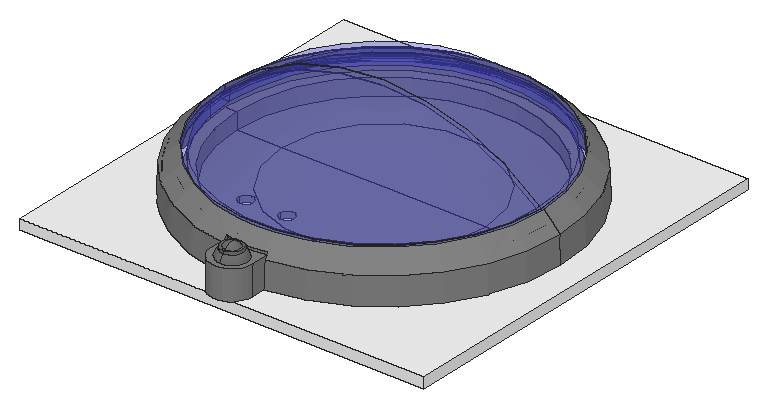
Revit family "BE_24194_de_DE", category Leuchten, Revit 2020
Family settings
  Basisbauteil = Fläche
  Bemaßung runder Anschluss = Durchmesser verwenden
  Teiletyp = Normal
  Beim Laden mit Abzugskörper schneiden = Ja
  Lichtquelle = Ja
  Gemeinsam genutzt = Nein
  Raumberechnungspunkt = Ja
Parameters (values of type "BEGA_24194_Grafit_K3")
  built-in parameter 1150104 = 15.45 (stored number, unit not read)
  Wattage = 23.9 W
  Default Elevation = 0 mm
  built-in parameter 1150113 = 1 (stored number, unit not read)
  built-in parameter 1114218 = 1 (stored number, unit not read)
  Umgebungstemperatur = "25 °C"
  URL = "https://www.bega.com/de/produkt/24194"
  Typenkommentare = "© 2022 BEGA. Wir behalten uns das Recht vor, technische Änderungen ohne vorherige Ankündigung vorzunehmen."  # constant formula
  Type Image = 24194.png
  built-in parameter 1150134 = (empty or 0)
  built-in parameter 1150109 = 1 (stored number, unit not read)
  Strom = ""
  built-in parameter 1150110 = 1 (stored number, unit not read)
  Spannung = 239.996 V
  Sonderanfertigung = no
  Seriennummer [instance] = "Hier können Sie die eindeutige Seriennummer für das Facility Management eintragen."
  Schutzklasse = "I"
  Schutzart = "IP 65"
  Scheinlast = 0 VA
  Produktdatenblatt = "https://cdn.bega.com/bega/products/24194K4/current/documents/data-sheets/de"
  Oberflächentemperatur = ""
  Neigungswinkel = 0.00°
  Modell = "24194K3"
  Material_18 = BEGA_Gummi_schwarz
  Material_17 = BEGA_Reflektor
  Material_15 = BEGA_Leuchtmedium_matt
  Material_14 = BEGA_Kunststoff_opal
  Material_11 = BEGA_Glas_opal
  Material_09 = BEGA_Glas_klar
  Material_06 = BEGA_Oberfläche_Edelstahl_gebürstet
  Material_03 = BEGA_Oberfläche_Weiss_matt
  Material_02 = BEGA_Oberfläche_Silber_matt
  Material_01 [instance] = BEGA_Oberfläche_Grafit_matt
  M_W = no
  M_G = yes
  M_A = no
  Logo = 0
  built-in parameter 1114217 = 1 (stored number, unit not read)
  built-in parameter 1150139 = (empty or 0)
  built-in parameter 1150105 = 316.29 (stored number, unit not read)
  built-in parameter 1150114 = 1 (stored number, unit not read)
  Lumens = 3974.57 lm
  built-in parameter 1150115 = 1 (stored number, unit not read)
  Leuchtenlichtstrom = "3083 lm"
  Leuchtenanzahl = ""
  Lebensdauerkriterien = "L70B50 @ 25 °C = 150000 h"
  Lastklassifizierung = Beleuchtung
  built-in parameter 1150112 = 1 (stored number, unit not read)
  Lampenlichtstrom = "3975 lm"
  Lampe = "LED 23.9 W"
  LED_Modulbezeichnung = "LED-0993/830"
  built-in parameter 1150142 = (empty or 0)
  Hersteller = "BEGA"  # constant formula
  Halbstreuwinkel = ""
  Gewicht = "3.35 kg"
  Gebrauchslageneinschränkung [instance] = ""
  Frequenz = "0/50-60 Hz"
  Farbwiedergabeindex = "CRI > 80"
  Farbtemperaturverschiebung bei Dämpfen der Lampe = <Keine Auswahl>
  Farbtemperatur = "3000 K"
  Color Filter = 16777215
  built-in parameter 1150133 = 10 (stored number, unit not read)
  Energieeffizienzklasse = "LED A++ - A"
  built-in parameter 1150137 = (empty or 0)
  built-in parameter 1150132 = (empty or 0)
  ENEC = ""
  Dimmbar [instance] = "DALI"
  Datei für fotometrisches Netz = "BE_24194K3.IES"
  CE_Konformität = "ja"
  Bestellnummer = "24194K3"
  Beschreibung_Sonderanfertigung = "Hier können Sie Informationen zur Sonderanfertigung eintragen."
  Beschreibung = "Wandleuchte mit PIR-Bewegungs- und Lichtsensor"
  built-in parameter 1150106 = 3.1629 (stored number, unit not read)
  Befestigungsbohrung = "Ø 4,5 mm"
  Befestigungsabstand = "325 mm"
  Ballwurfsicher = ""
  BEGA_Intern_aus = yes
  BEGA_Intern_an = yes
  BEGA_Intern_Konstruktion = yes
  BEGA_Intern = yes
  BEGA_IES = yes
  BEGA_Dummy = no
  Anschlussleitung = ""
  Anschlussleistung [instance] = "27.2 W"
  built-in parameter 1150107 = 3000 (stored number, unit not read)
  built-in parameter 1150102 = (empty or 0)
  built-in parameter 1150138 = (empty or 0)
  Aktualisierung = "2022-05-18T04:00:07"
  Abstand_zur_angestrahlten_Fläche [instance] = ""
  AC/DC = "AC/DC"
Types (4, lengths in mm): name | built-in parameter 1150104 | built-in parameter 1150134 | Modell | M_G | M_A | built-in parameter 1150105 | Lumens | Leuchtenlichtstrom | Lampenlichtstrom | LED_Modulbezeichnung | Farbtemperatur | Datei für fotometrisches Netz | Bestellnummer | built-in parameter 1150106 | built-in parameter 1150107
  BEGA_24194_Silber_K3 | 15.45 (stored number, unit not read) | (empty or 0) | "24194AK3" | no | yes | 316.29 (stored number, unit not read) | 3974.57 lm | "3083 lm" | "3975 lm" | "LED-0993/830" | "3000 K" | "BE_24194K3.IES" | "24194AK3" | 3.1629 (stored number, unit not read) | 3000 (stored number, unit not read)
  BEGA_24194_Silber_K4 | 16.249 (stored number, unit not read) | 12 | "24194AK4" | no | yes | 332.64 (stored number, unit not read) | 4180.11 lm | "3242 lm" | "4180 lm" | "LED-0993/840" | "4000 K" | "BE_24194K4.IES" | "24194AK4" | 3.3264 (stored number, unit not read) | 4000 (stored number, unit not read)
  BEGA_24194_Grafit_K3 | 15.45 (stored number, unit not read) | (empty or 0) | "24194K3" | yes | no | 316.29 (stored number, unit not read) | 3974.57 lm | "3083 lm" | "3975 lm" | "LED-0993/830" | "3000 K" | "BE_24194K3.IES" | "24194K3" | 3.1629 (stored number, unit not read) | 3000 (stored number, unit not read)
  BEGA_24194_Grafit_K4 | 16.249 (stored number, unit not read) | 12 | "24194K4" | yes | no | 332.64 (stored number, unit not read) | 4180.11 lm | "3242 lm" | "4180 lm" | "LED-0993/840" | "4000 K" | "BE_24194K4.IES" | "24194K4" | 3.3264 (stored number, unit not read) | 4000 (stored number, unit not read)
Reference planes
  plane 1 "Mitte (Vorne/Hinten)": y = 0
  plane 2: z = 0
  plane 3 "Mitte (Links/Rechts)": x = 0
  plane 4 "Links": x = -175.4
  plane 5 "Rechts": x = 175.4
  plane 6 "Unten": y = -208.243
  plane 7 "Oben": y = 175
  plane 8 "Vorne": z = 104.988
  plane 9 "Hinten": z = 0
Forms (mm)
  Extrusion 1, solid, material "BEGA_Platte_Weiss"
    sketch origin (0, -1119.2, 0) x (1, 0, 0) y (0, 1, 0)
      loop
        line (-200, 1319.2) -> (-200, 919.2) -> (200, 919.2) -> (200, 1319.2) -> (-200, 1319.2)
    from 0 to -10
  Extrusion 2, solid, material "BEGA_Dummy_matt", visible <- "BEGA_Dummy"
    sketch origin (77.149, -76.023, 0) x (1, 0, 0) y (0, 1, 0)
      loop
        circle (-77.149, 76.023) r 208.201
    from 0 to 104.988
Dimensions and locks
  plane 1 "Mitte (Vorne/Hinten)" to Extrusion 1 = 200 mm
  aligned and locked: plane 2 to Extrusion 1
  aligned and locked: level to Extrusion 1
Nested families
  nested 1: "BE_24194" at (0, 0, 0), type "BE_24194"
Connectors
  electrical at (0, 0, 0), driven by "Lastklassifizierung", driven by "Spannung", driven by "Scheinlast"
    settings: index 1, voltage 239.996 V, apparent load 0 VA, apparent load phase1 0 VA, apparent load phase2 0 VA, apparent load phase3 0 VA, power factor 1, load classification "Beleuchtung", number of poles 1, system type 31, power factor state 1, is connector primary yes, connector utility no, sub classification motor no, connector description ""
Definition of nested family "BE_24194"
  Parameters (values of type "BE_24194")
    Default Elevation = 1 mm
    URL = "http://www.bega.de/de/produkt"
    Type Comments = "© 2015 BEGA. Wir behalten uns das Recht vor, technische Änderungen ohne vorherige Ankündigung vorzunehmen. "  # constant formula
    Type Image = (empty or 0)
    Neigungswinkel_um_Z2 = 0.00°
    Neigungswinkel_um_Z1 = 0.00°
    Neigungswinkel_um_Y2 = 0.00°
    Neigungswinkel_um_Y1 = 0.00°
    Neigungswinkel_um_X2 = 0.00°
    Neigungswinkel_um_X1 = 0.00°
    Material_18 = none
    Material_17 = none
    Material_15 = none
    Material_14 = none
    Material_11 = none
    Material_09 = none
    Material_06 = none
    Material_02 = none
    Material_01 = none
    M_W = yes
    M_G = yes
    M_A = yes
    Länge_Platte = 200 mm  # constant formula
    Höhe_Platte = -10 mm  # constant formula
    Manufacturer = "BEGA"  # constant formula
    Drehwinkel_um_Z2 = 0.00°
    Drehwinkel_um_Z1 = 0.00°
    Breite_Platte = 200 mm  # constant formula
  Reference planes
    plane 1 "Mitte (Oben/Unten)": y = 0
    plane 2: z = 0
    plane 3 "Mitte (Links/Rechts)": x = 0
    plane 4 "Vorne": z = 104.988
    plane 5 "Oben": y = 175
    plane 6: x = -175.4
    plane 7: x = 175.4
    plane 8: y = -208.243
  Forms (mm)
    Extrusion 1, solid, detail levels medium
      sketch origin (0, 0, 0) x (1, 0, 0) y (0, 1, 0)
        loop
          line (-100, 100) -> (-100, -100) -> (100, -100) -> (100, 100) -> (-100, 100)
      from 0 to -10 <- "Höhe_Platte"
    Revolve 2, solid, material <- "Material_14"
      sketch origin (0, 0, 0) x (1, 0, 0) y (0, 0, 1)
        loop
          arc (0, 104.896) -> (-83.622, 89.809) -> (-156.701, 46.453) r 239.3
          line (-156.701, 46.453) -> (-157.017, 37.41) -> (-159.895, 37.41)
          arc (-159.895, 37.41) -> (-160.591, 37.128) -> (-160.895, 36.443) r 1
          line (-160.895, 36.443) -> (-160.999, 33.443)
          arc (-160.999, 33.443) -> (-160.719, 32.714) -> (-160, 32.41) r 1
          line (-160, 32.41) -> (-152.188, 32.41) -> (-151.781, 44.086)
          arc (-151.781, 44.086) -> (-80.858, 85.501) -> (0, 99.896) r 234.299
          line (0, 99.896) -> (0, 104.896)
        axis (0, 104.896) -> (0, 32.41)
      angle from 0 to 360
    Revolve 3, solid, material <- "Material_02", visible <- "M_A"
      sketch origin (0, 0, 0) x (1, 0, 0) y (0, 0, 1)
        loop
          arc (-157.799, 45.496) -> (-166.329, 37.64) -> (-174.468, 29.38) r 239.3
          line (-174.468, 29.38) -> (-175.4, 2.7) -> (-172.4, 2.7) -> (-171.512, 28.143)
          arc (-171.512, 28.143) -> (-164.86, 34.885) -> (-157.944, 41.356) r 236.3
          line (-157.944, 41.356) -> (-157.799, 45.496)
        axis (0, 2.7) -> (0, 45.496)
      angle from 0 to 360
    Revolve 4, solid, material <- "Material_01"
      sketch origin (0, 0, 0) x (1, 0, 0) y (0, 0, 1)
        loop
          line (-156.776, 3.965) -> (-156.915, 0) -> (-153, 0) -> (-152.389, 17.5) -> (-148.2, 17.5) -> (-147.746, 4.5) -> (0, 4.5) -> (0, 10.2) -> (-100.394, 10.2) -> (-144.941, 10.2) -> (-145.5, 26.2) -> (-156, 26.2) -> (-156.776, 3.965)
        axis (0, 0) -> (0, 26.2)
      angle from 0 to 360
    Extrusion 5, solid, material <- "Material_01"
      sketch origin (0, 0, 0) x (1, 0, 0) y (0, 1, 0)
        loop
          line (165.428, 29.283) -> (152.784, 31.512)
          arc (152.784, 31.512) -> (156, 0) -> (152.784, -31.512) r 156
          line (152.784, -31.512) -> (165.428, -29.283)
          arc (165.428, -29.283) -> (168, 0) -> (165.428, 29.283) r 168
        loop
          arc (163.804, -20.326) -> (165.061, 0) -> (163.804, 20.326) r 165.061
          arc (163.804, 20.326) -> (160.944, 22.541) -> (158.723, 19.685) r 2.561
          arc (158.723, 19.685) -> (159.939, 0) -> (158.723, -19.685) r 159.939
          arc (158.723, -19.685) -> (160.944, -22.541) -> (163.804, -20.326) r 2.561
        loop
          arc (-165.428, 29.283) -> (-168, 0) -> (-165.428, -29.283) r 168
          line (-165.428, -29.283) -> (-152.784, -31.512)
          arc (-152.784, -31.512) -> (-156, 0) -> (-152.784, 31.512) r 156
          line (-152.784, 31.512) -> (-165.428, 29.283)
        loop
          arc (-163.804, -20.326) -> (-160.944, -22.541) -> (-158.723, -19.685) r 2.561
          arc (-158.723, -19.685) -> (-159.939, 0) -> (-158.723, 19.685) r 159.939
          arc (-158.723, 19.685) -> (-160.944, 22.541) -> (-163.804, 20.326) r 2.561
          arc (-163.804, 20.326) -> (-165.061, 0) -> (-163.804, -20.326) r 165.061
      from 0 to 3.18
    Revolve 6, solid, material <- "Material_01", visible <- "M_G"
      sketch origin (0, 0, 0) x (1, 0, 0) y (0, 0, 1)
        loop
          arc (-157.799, 45.496) -> (-166.329, 37.64) -> (-174.468, 29.38) r 239.3
          line (-174.468, 29.38) -> (-175.4, 2.7) -> (-172.4, 2.7) -> (-171.512, 28.143)
          arc (-171.512, 28.143) -> (-164.86, 34.885) -> (-157.944, 41.356) r 236.3
          line (-157.944, 41.356) -> (-157.799, 45.496)
        axis (0, 2.7) -> (0, 45.496)
      angle from 0 to 360
    Extrusion 7, void
      sketch origin (0, 0, 0) x (1, 0, 0) y (0, 1, 0)
        loop
          circle (-70.232, -82.463) r 7.373
        loop
          circle (-29.768, -82.463) r 7.373
      from 0 to 46.453
    Extrusion 8, void
      sketch origin (0, 0, 0) x (1, 0, 0) y (0, 1, 0)
        loop
          arc (-20.5, -187.743) -> (0, -208.243) -> (20.5, -187.743) r 20.5
          line (20.5, -187.743) -> (20.5, -168.445)
          arc (20.5, -168.445) -> (0, -170.784) -> (-20.5, -168.445) r 91.041
          line (-20.5, -168.445) -> (-20.5, -187.743)
      from 0 to 250
    Extrusion 9, solid, material <- "Material_01", visible <- "M_G"
      sketch origin (0, 0, 0) x (1, 0, 0) y (0, 1, 0)
        loop
          arc (-20.5, -187.743) -> (0, -208.243) -> (20.5, -187.743) r 20.5
          line (20.5, -187.743) -> (20.5, -168.445)
          arc (20.5, -168.445) -> (0, -170.784) -> (-20.5, -168.445) r 91.041
          line (-20.5, -168.445) -> (-20.5, -187.743)
      from 2.7 to 31.6
    Revolve 10, solid, material <- "Material_18"
      sketch origin (0, 0, 0) x (0, 1, 0) y (0, 0, 1)
        loop
          line (-187.743, 44.83) -> (-187.743, 27.852) -> (-172.743, 27.852)
          arc (-172.743, 27.852) -> (-173.907, 33.594) -> (-177.183, 38.453) r 15
          line (-177.183, 38.453) -> (-177.341, 40.771) -> (-180.19, 40.771)
          arc (-180.19, 40.771) -> (-183.456, 43.751) -> (-187.743, 44.83) r 9.057
        axis (-187.743, 27.852) -> (-187.743, 44.83)
      angle from 0 to 360
    Extrusion 11, solid, material <- "Material_02", visible <- "M_A"
      sketch origin (0, 0, 0) x (1, 0, 0) y (0, 1, 0)
        loop
          arc (-20.5, -187.743) -> (0, -208.243) -> (20.5, -187.743) r 20.5
          line (20.5, -187.743) -> (20.5, -168.445)
          arc (20.5, -168.445) -> (0, -170.784) -> (-20.5, -168.445) r 91.041
          line (-20.5, -168.445) -> (-20.5, -187.743)
      from 2.7 to 31.6
  Cuts and joins
    Extrusion 7 cuts Revolve 4
    Extrusion 7 cuts Extrusion 5
    joined: Revolve 4, Extrusion 5
    Extrusion 7 cuts Revolve 2
    Extrusion 8 cuts Revolve 3
    Extrusion 8 cuts Revolve 6
  Dimensions and locks
    equal spacing: Extrusion 1 sketch curve, plane 3 "Mitte (Links/Rechts)", Extrusion 1 sketch curve
    equal spacing: Extrusion 1 sketch curve, plane 1 "Mitte (Oben/Unten)", Extrusion 1 sketch curve
    "Länge_Platte": Extrusion 1 sketch curve to Extrusion 1 sketch curve
    "Breite_Platte": Extrusion 1 sketch curve to Extrusion 1 sketch curve
    aligned and locked: plane 2 to Extrusion 1
    aligned and locked: level to Extrusion 1
  Automatic sketch dimensions
    Revolve 2 sketch curve to Revolve 2 sketch curve = 0.105 mm
    Revolve 2 sketch curve to Revolve 2 sketch curve = 0.999 mm  (x2)
    Revolve 2 sketch curve to Revolve 2 sketch curve = 2.878 mm
    Revolve 2 sketch curve to Revolve 2 sketch curve = 0.316 mm
    Revolve 2 sketch curve to Revolve 2 sketch curve = 4.828 mm
    Revolve 2 sketch curve to Revolve 2 sketch curve = 4.92 mm
    plane 3 "Mitte (Links/Rechts)" to Revolve 2 sketch curve = 0 mm  (x3)
    Revolve 2 sketch curve to Revolve 2 sketch curve = 0.001 mm
    level to Revolve 2 sketch curve = 32.41 mm
    Revolve 2 sketch curve to Revolve 2 sketch curve = 1 mm
    Revolve 2 sketch curve to Revolve 2 sketch curve = 3 mm
    Revolve 2 sketch curve to Revolve 2 sketch curve = 0.033 mm
    Revolve 2 sketch curve to Revolve 2 sketch curve = 6.677 mm
    Revolve 2 sketch curve to Revolve 2 sketch curve = 2.366 mm
    Revolve 2 sketch curve to Revolve 2 sketch curve = 0 mm  (x2)
    Revolve 2 sketch curve to Revolve 2 sketch curve = 17.365 mm
    Revolve 3 sketch curve to Revolve 3 sketch curve = 0 mm  (x3)
    Revolve 3 sketch curve to plane 3 "Mitte (Links/Rechts)" = 0 mm  (x2)
    Revolve 3 sketch curve to Revolve 3 sketch curve = 0.145 mm
    Revolve 3 sketch curve to Revolve 3 sketch curve = 13.568 mm
    level to Revolve 3 sketch curve = 2.7 mm
    Revolve 3 sketch curve to Revolve 3 sketch curve = 0.888 mm
    Revolve 3 sketch curve to Revolve 3 sketch curve = 2.957 mm
    Revolve 3 sketch curve to Revolve 3 sketch curve = 3 mm
    Revolve 3 sketch curve to Revolve 3 sketch curve = 25.443 mm
    Revolve 3 sketch curve to Revolve 3 sketch curve = 1.237 mm
    level to Revolve 3 sketch curve = 7.2 mm
    Revolve 3 sketch curve to Revolve 3 sketch curve = 29.243 mm
    Revolve 4 sketch curve to level = 0 mm
    Revolve 4 sketch curve to plane 3 "Mitte (Links/Rechts)" = 0 mm  (x2)
    level to Revolve 4 sketch curve = 10.2 mm
    Revolve 4 sketch curve to Revolve 4 sketch curve = 44.547 mm
    Revolve 4 sketch curve to Revolve 4 sketch curve = 0.559 mm
    Revolve 4 sketch curve to Revolve 4 sketch curve = 2.805 mm
    Revolve 4 sketch curve to Revolve 4 sketch curve = 3.259 mm
    level to Revolve 4 sketch curve = 17.5 mm
    Revolve 4 sketch curve to Revolve 4 sketch curve = 4.189 mm
    Revolve 4 sketch curve to Revolve 4 sketch curve = 5.254 mm
    Revolve 4 sketch curve to Revolve 4 sketch curve = 3.611 mm
    level to Revolve 4 sketch curve = 3.965 mm
    Revolve 4 sketch curve to Revolve 4 sketch curve = 3.776 mm
    Revolve 4 sketch curve to Revolve 4 sketch curve = 3.915 mm
    level to Revolve 4 sketch curve = 4.5 mm
    Revolve 4 sketch curve to Revolve 4 sketch curve = 8.7 mm
    Revolve 4 sketch curve to Revolve 4 sketch curve = 0 mm
    Revolve 4 sketch curve to Revolve 4 sketch curve = 26.243 mm
    Extrusion 5 sketch curve to Extrusion 5 sketch curve = 0 mm  (x22)
    plane 1 "Mitte (Oben/Unten)" to Extrusion 5 sketch curve = 0 mm
    Extrusion 5 sketch curve to plane 3 "Mitte (Links/Rechts)" = 0 mm
    Extrusion 5 sketch curve to plane 1 "Mitte (Oben/Unten)" = 31.512 mm
    Extrusion 5 sketch curve to Extrusion 5 sketch curve = 8.48 mm  (x4)
    Extrusion 5 sketch curve to Extrusion 5 sketch curve = 4.164 mm  (x4)
    Extrusion 5 sketch curve to plane 1 "Mitte (Oben/Unten)" = 29.283 mm  (x2)
    plane 1 "Mitte (Oben/Unten)" to Extrusion 5 sketch curve = 31.512 mm
    Extrusion 5 sketch curve to Extrusion 5 sketch curve = 9.283 mm  (x4)
    Extrusion 5 sketch curve to Extrusion 5 sketch curve = 2.541 mm  (x4)
    Extrusion 5 sketch curve to Extrusion 5 sketch curve = 2.54 mm  (x4)
    Extrusion 5 sketch curve to Extrusion 5 sketch curve = 0.326 mm  (x2)
    Revolve 6 sketch curve to Revolve 6 sketch curve = 0 mm  (x3)
    Revolve 6 sketch curve to plane 3 "Mitte (Links/Rechts)" = 0 mm  (x2)
    Revolve 6 sketch curve to Revolve 6 sketch curve = 0.145 mm
    Revolve 6 sketch curve to Revolve 6 sketch curve = 13.568 mm
    level to Revolve 6 sketch curve = 2.7 mm
    Revolve 6 sketch curve to Revolve 6 sketch curve = 0.888 mm
    Revolve 6 sketch curve to Revolve 6 sketch curve = 2.957 mm
    Revolve 6 sketch curve to Revolve 6 sketch curve = 3 mm
    Revolve 6 sketch curve to Revolve 6 sketch curve = 25.443 mm
    Revolve 6 sketch curve to Revolve 6 sketch curve = 1.237 mm
    level to Revolve 6 sketch curve = 7.2 mm
    Revolve 6 sketch curve to Revolve 6 sketch curve = 29.243 mm
    Extrusion 7 sketch curve to plane 3 "Mitte (Links/Rechts)" = 70.232 mm
    Extrusion 7 sketch curve to plane 3 "Mitte (Links/Rechts)" = 29.768 mm
    plane 1 "Mitte (Oben/Unten)" to Extrusion 7 sketch curve = 82.463 mm
    Extrusion 7 sketch curve to Extrusion 7 sketch curve = 0 mm
    Extrusion 5 sketch curve to plane 7 = 22.616 mm
    plane 6 to Revolve 2 sketch curve = 23.619 mm
    Revolve 3 sketch curve to plane 6 = 0 mm
    plane 6 to Revolve 4 sketch curve = 75.006 mm
    plane 6 to Extrusion 5 sketch curve = 22.616 mm
    Revolve 6 sketch curve to plane 6 = 0 mm
    Revolve 2 sketch curve to level = 134.404 mm
    Revolve 3 sketch curve to level = 134.404 mm
    Revolve 6 sketch curve to level = 134.404 mm
    Extrusion 8 sketch curve to plane 3 "Mitte (Links/Rechts)" = 0 mm  (x2)
    Extrusion 8 sketch curve to Extrusion 8 sketch curve = 20.5 mm
    plane 1 "Mitte (Oben/Unten)" to Extrusion 8 sketch curve = 79.743 mm
    Extrusion 9 sketch curve to plane 3 "Mitte (Links/Rechts)" = 0 mm  (x2)
    Extrusion 9 sketch curve to Extrusion 9 sketch curve = 20.5 mm
    plane 1 "Mitte (Oben/Unten)" to Extrusion 9 sketch curve = 79.743 mm
    Revolve 10 sketch curve to Revolve 10 sketch curve = 0 mm  (x3)
    level to Revolve 10 sketch curve = 27.8 mm
    Revolve 10 sketch curve to Revolve 10 sketch curve = 0.052 mm
    Revolve 10 sketch curve to Revolve 10 sketch curve = 7.921 mm
    Revolve 10 sketch curve to Revolve 10 sketch curve = 2.318 mm
    Revolve 10 sketch curve to Revolve 10 sketch curve = 0.94 mm
    Revolve 10 sketch curve to Revolve 10 sketch curve = 2.724 mm
    Extrusion 11 sketch curve to plane 3 "Mitte (Links/Rechts)" = 0 mm  (x2)
    Extrusion 11 sketch curve to plane 3 "Mitte (Links/Rechts)" = 20.5 mm
    plane 1 "Mitte (Oben/Unten)" to Extrusion 11 sketch curve = 79.743 mm
    Extrusion 8 sketch curve to Extrusion 8 sketch curve = 88.702 mm
    Extrusion 8 sketch curve to Extrusion 8 sketch curve = 19.298 mm
    Extrusion 9 sketch curve to Extrusion 9 sketch curve = 88.702 mm
    Extrusion 9 sketch curve to Extrusion 9 sketch curve = 19.298 mm
    plane 1 "Mitte (Oben/Unten)" to Revolve 10 sketch curve = 187.743 mm
    Revolve 10 sketch curve to Revolve 10 sketch curve = 7.553 mm
    level to Revolve 10 sketch curve = 40.771 mm
    Revolve 10 sketch curve to Revolve 10 sketch curve = 2.849 mm
    Revolve 10 sketch curve to Revolve 10 sketch curve = 0.158 mm
    Extrusion 11 sketch curve to Extrusion 11 sketch curve = 88.702 mm
    Extrusion 11 sketch curve to Extrusion 11 sketch curve = 19.298 mm
    radius of Extrusion 7 sketch curve = 7.373 mm  (x2)
